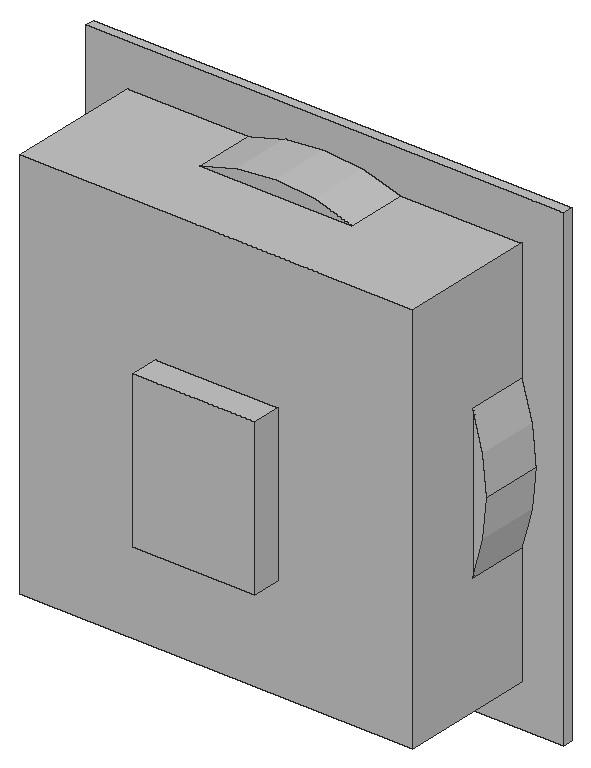
Revit family "ef-35_60uct(40)2_udt(40a)2_uet(40a)2_uft(40a)2_ugt(40a)2_50Hz", category 機械設備, Revit 2019
Family settings
  丸型コネクタ寸法 = 直径を使用
  パーツ タイプ = 標準
  OmniClass 番号 = 23.75.35.21.17
  OmniClass タイトル = Industrial Ventilating Equipment
  作業面ベース = いいえ
  常に垂直 = はい
  ロード時にボイドで切り取り = はい
  共有 = いいえ
  部屋計算ポイント = はい
Parameters (values of type "EF-35UCT2_200V")
  騒音レベル(dB(A)) [instance] = 45
  風量 [instance] = 設計風量  # 0.0 m³/h
  電源種別 [instance] = ""
  電圧 = 200 V
  電動機出力 = 100 W
  電動機_種別 [instance] = ""
  銘板表示 = not(モーター表示)  # yes
  銘板_Width = 120 mm
  銘板_Height = 153 mm
  銘板_H = 60 mm
  運転質量 = 0.00 kg
  連動 [instance] = ""
  質量 = if(製品質量 > 運転質量, 製品質量, 運転質量) * 1.2  # 8.16 kg
  負荷分類 = 3_ファン類
  説明 = "産業用有圧換気扇 機器冷却用 排気専用"
  設計風量 [instance] = 0.0 m³/h
  設置方法 = "壁付"
  記号 [instance] = ""
  製造元 = "三菱電機株式会社"
  製品質量 = 6.80 kg
  製品出荷対象 = "国内"
  製品リリース年月 = "2022年6月1日"
  製品グループ = ""
  羽根径 = "∅350"
  レグ_Depth = 143 mm
  系統 [instance] = ""
  符号 [instance] = if(☑給気／□排気, "FS", "FE")  # "FE"
  積算_科目 = ""
  積算_拾い区分 [instance] = ""
  相 = 3
  盤記号 [instance] = ""
  盤工事区分 = ""
  発停方法 [instance] = ""
  特殊仕様 [instance] = ""
  火災停止 [instance] = ""
  消費電力 = 90 W
  法定耐用年数 = "15"
  極数 = 3
  極 = 4
  材質 [instance] = ""
  操作・制御方式 = ""
  操作・制御スイッチ = ""
  排気量 [instance] = if(☑給気／□排気, 0.0 m³/h, 設計風量)  # 0.0 m³/h
  形式 = ""
  幹線記号 [instance] = ""
  対象室 [instance] = ""
  実風量 [instance] = 0.0 m³/h
  始動方式 [instance] = "直入"
  外気量 [instance] = if(☑給気／□排気, 設計風量, 0.0 m³/h)  # 0.0 m³/h
  呼称 = "有圧扇"
  周波数 = 50 Hz
  参照している仕様書等のバージョン = ""
  分類コード = "50052503100110"
  分類グループ = ""
  価格 = 78400
  企業コード = "108420"
  付属品_防振装置 = ""
  付属品 [instance] = ""
  仕様書バージョン = "Version1.0"
  レグ_Width = 387 mm
  レグ_Height = 387 mm
  モーター径 = 5 mm
  モーター表示 = no
  モデル = "EF-35UCT2"
  フレームの厚さ = 10 mm
  ファンの種類 = "軸流羽根"
  コメント [instance] = ""
  Keynote = ""
  オリフィス_Depth = 70 mm
  ☑給気／□排気 [instance] = no
  Width = 470 mm
  Version = ""
  Uniclass2015Version = "Systems v1.9"
  Uniclass2015Title = "Propeller fans"
  Uniclass2015Code = "Pr_65_67_29_67"
  URL = "https://www.mitsubishielectric.co.jp/ldg/wink/ssl/displayProduct.do?pid=318468"
  SpecificationReference = ""
  SpecificationDescription = ""
  Revision = ""
  ProductInformation = ""
  OmniClassCode = "23-33 31 19 11 17"
  MIN風量 = 0.0 m³/h
  MID風量 = 0.0 m³/h
  MAX風量 = 2500.0 m³/h
  IfcTypeProduct = ""
  IfcProduct = ""
  IfcExportType = "TUBEAXIAL"
  IfcExportAs = "IfcFanType"
  Height = 470 mm
  オリフィス径 = 415 mm
  Depth = 171 mm
  Author = "三菱電機株式会社"
Types (25, lengths in mm): name | 騒音レベル(dB(A)) | 電圧 | 電動機出力 | 銘板表示 | 銘板_Width | 銘板_Height | 銘板_H | 質量 | 製品質量 | 羽根径 | レグ_Depth | 消費電力 | 価格 | レグ_Width | レグ_Height | モーター径 | モーター表示 | モデル | オリフィス_Depth | Width | URL | MAX風量 | Height | オリフィス径 | Depth
  EF-35UCT2_200V | 45 | 200 V | 100 W | yes | 120 | 153 | 60 | 8.16 kg | 6.80 kg | "∅350" | 143 | 90 W | 78400 | 387 | 387 | 5 | no | "EF-35UCT2" | 70 | 470 | "https://www.mitsubishielectric.co.jp/ldg/wink/ssl/displayProduct.do?pid=318468" | 2500.0 m³/h | 470 | 415 | 171
  EF-35UDT2_200V | 45 | 200 V | 150 W | yes | 147 | 181 | 79.5 | 11.04 kg | 9.20 kg | "∅350" | 189 | 140 W | 86000 | 386 | 386 | 5 | no | "EF-35UDT2" | 70 | 470 | "https://www.mitsubishielectric.co.jp/ldg/wink/ssl/displayProduct.do?pid=318470" | 3000.0 m³/h | 470 | 415 | 221
  EF-40UET2_200V | 52 | 200 V | 400 W | no | 5 | 5 | 5 | 15.84 kg | 13.20 kg | "∅400" | 196 | 245 W | 109000 | 400 | 400 | 131 | yes | "EF-40UET2" | 80 | 520 | "https://www.mitsubishielectric.co.jp/ldg/wink/ssl/displayProduct.do?pid=318485" | 4800.0 m³/h | 520 | 490 | 222
  EF-50UFT2_200V | 52 | 200 V | 750 W | no | 5 | 5 | 5 | 23.40 kg | 19.50 kg | "∅500" | 232 | 370 W | 138000 | 502.8 | 502.8 | 131 | yes | "EF-50UFT2" | 95 | 620 | "https://www.mitsubishielectric.co.jp/ldg/wink/ssl/displayProduct.do?pid=318584" | 7200.0 m³/h | 620 | 605 | 258
  EF-60UGT2_200V | 57.5 | 200 V | 1500 W | no | 5 | 5 | 5 | 31.68 kg | 26.40 kg | "∅600" | 230 | 680 W | 203000 | 597.6 | 597.6 | 163 | yes | "EF-60UGT2" | 100 | 710 | "https://www.mitsubishielectric.co.jp/ldg/wink/ssl/displayProduct.do?pid=318493" | 11500.0 m³/h | 710 | 705 | 266
  EF-35UCT2_220V | 45.5 | 220 V | 100 W | yes | 120 | 153 | 60 | 8.16 kg | 6.80 kg | "∅350" | 143 | 110 W | 78400 | 387 | 387 | 5 | no | "EF-35UCT2" | 70 | 470 | "https://www.mitsubishielectric.co.jp/ldg/wink/ssl/displayProduct.do?pid=318468" | 2500.0 m³/h | 470 | 415 | 171
  EF-35UDT2_220V | 45.5 | 220 V | 150 W | yes | 147 | 181 | 79.5 | 11.04 kg | 9.20 kg | "∅350" | 189 | 155 W | 86000 | 386 | 386 | 5 | no | "EF-35UDT2" | 70 | 470 | "https://www.mitsubishielectric.co.jp/ldg/wink/ssl/displayProduct.do?pid=318470" | 3000.0 m³/h | 470 | 415 | 221
  EF-40UET2_220V | 52 | 220 V | 400 W | no | 5 | 5 | 5 | 15.84 kg | 13.20 kg | "∅400" | 196 | 273 W | 109000 | 400 | 400 | 131 | yes | "EF-40UET2" | 80 | 520 | "https://www.mitsubishielectric.co.jp/ldg/wink/ssl/displayProduct.do?pid=318485" | 4800.0 m³/h | 520 | 490 | 222
  EF-50UFT2_220V | 52 | 220 V | 750 W | no | 5 | 5 | 5 | 23.40 kg | 19.50 kg | "∅500" | 232 | 400 W | 138000 | 502.8 | 502.8 | 131 | yes | "EF-50UFT2" | 95 | 620 | "https://www.mitsubishielectric.co.jp/ldg/wink/ssl/displayProduct.do?pid=318584" | 7200.0 m³/h | 620 | 605 | 258
  EF-60UGT2_220V | 58 | 220 V | 1500 W | no | 5 | 5 | 5 | 31.68 kg | 26.40 kg | "∅600" | 230 | 730 W | 203000 | 597.6 | 597.6 | 163 | yes | "EF-60UGT2" | 100 | 710 | "https://www.mitsubishielectric.co.jp/ldg/wink/ssl/displayProduct.do?pid=318493" | 11500.0 m³/h | 710 | 705 | 266
  EF-35UCT40A2_380V | 45 | 380 V | 100 W | yes | 120 | 153 | 60 | 8.16 kg | 6.80 kg | "∅350" | 143 | 83.5 W | 86600 | 387 | 387 | 5 | no | "EF-35UCT40A2" | 70 | 470 | "https://www.mitsubishielectric.co.jp/ldg/wink/ssl/displayProduct.do?pid=318469" | 2500.0 m³/h | 470 | 415 | 171
  EF-35UDT40A2_380V | 44.5 | 380 V | 150 W | yes | 147 | 181 | 79.5 | 11.04 kg | 9.20 kg | "∅350" | 189 | 136 W | 94900 | 386 | 386 | 5 | no | "EF-35UDT40A2" | 70 | 470 | "https://www.mitsubishielectric.co.jp/ldg/wink/ssl/displayProduct.do?pid=318472" | 3000.0 m³/h | 470 | 415 | 221
  EF-40UET40A2_380V | 51.5 | 380 V | 400 W | no | 5 | 5 | 5 | 15.84 kg | 13.20 kg | "∅400" | 196 | 265 W | 121000 | 400 | 400 | 131 | yes | "EF-40UET40A2" | 80 | 520 | "https://www.mitsubishielectric.co.jp/ldg/wink/ssl/displayProduct.do?pid=318487" | 4800.0 m³/h | 520 | 490 | 222
  EF-50UFT40A2_380V | 52 | 380 V | 750 W | no | 5 | 5 | 5 | 23.40 kg | 19.50 kg | "∅500" | 232 | 345 W | 151000 | 502.8 | 502.8 | 131 | yes | "EF-50UFT40A2" | 95 | 620 | "https://www.mitsubishielectric.co.jp/ldg/wink/ssl/displayProduct.do?pid=318491" | 7200.0 m³/h | 620 | 605 | 258
  EF-60UGT40A2_380V | 57.5 | 380 V | 1500 W | no | 5 | 5 | 5 | 31.68 kg | 26.40 kg | "∅600" | 230 | 695 W | 223000 | 597.6 | 597.6 | 163 | yes | "EF-60UGT40A2" | 100 | 710 | "https://www.mitsubishielectric.co.jp/ldg/wink/ssl/displayProduct.do?pid=318494" | 11500.0 m³/h | 710 | 705 | 266
  EF-35UCT40A2_400V | 45 | 400 V | 100 W | yes | 120 | 153 | 60 | 8.16 kg | 6.80 kg | "∅350" | 143 | 89 W | 86600 | 387 | 387 | 5 | no | "EF-35UCT40A2" | 70 | 470 | "https://www.mitsubishielectric.co.jp/ldg/wink/ssl/displayProduct.do?pid=318469" | 2500.0 m³/h | 470 | 415 | 171
  EF-35UDT40A2_400V | 45 | 400 V | 150 W | yes | 147 | 181 | 79.5 | 11.04 kg | 9.20 kg | "∅350" | 189 | 145 W | 94900 | 386 | 386 | 5 | no | "EF-35UDT40A2" | 70 | 470 | "https://www.mitsubishielectric.co.jp/ldg/wink/ssl/displayProduct.do?pid=318472" | 3000.0 m³/h | 470 | 415 | 221
  EF-40UET40A2_400V | 52 | 400 V | 400 W | no | 5 | 5 | 5 | 15.84 kg | 13.20 kg | "∅400" | 196 | 275 W | 121000 | 400 | 400 | 131 | yes | "EF-40UET40A2" | 80 | 520 | "https://www.mitsubishielectric.co.jp/ldg/wink/ssl/displayProduct.do?pid=318487" | 4800.0 m³/h | 520 | 490 | 222
  EF-50UFT40A2_400V | 52 | 400 V | 750 W | no | 5 | 5 | 5 | 23.40 kg | 19.50 kg | "∅500" | 232 | 365 W | 151000 | 502.8 | 502.8 | 131 | yes | "EF-50UFT40A2" | 95 | 620 | "https://www.mitsubishielectric.co.jp/ldg/wink/ssl/displayProduct.do?pid=318491" | 7200.0 m³/h | 620 | 605 | 258
  EF-60UGT40A2_400V | 57.5 | 400 V | 1500 W | no | 5 | 5 | 5 | 31.68 kg | 26.40 kg | "∅600" | 230 | 695 W | 223000 | 597.6 | 597.6 | 163 | yes | "EF-60UGT40A2" | 100 | 710 | "https://www.mitsubishielectric.co.jp/ldg/wink/ssl/displayProduct.do?pid=318494" | 11500.0 m³/h | 710 | 705 | 266
  EF-35UCT40A2_415V | 45.5 | 415 V | 100 W | yes | 120 | 153 | 60 | 8.16 kg | 6.80 kg | "∅350" | 143 | 95 W | 86600 | 387 | 387 | 5 | no | "EF-35UCT40A2" | 70 | 470 | "https://www.mitsubishielectric.co.jp/ldg/wink/ssl/displayProduct.do?pid=318469" | 2500.0 m³/h | 470 | 415 | 171
  EF-35UDT40A2_415V | 45 | 415 V | 150 W | yes | 147 | 181 | 79.5 | 11.04 kg | 9.20 kg | "∅350" | 189 | 150 W | 94900 | 386 | 386 | 5 | no | "EF-35UDT40A2" | 70 | 470 | "https://www.mitsubishielectric.co.jp/ldg/wink/ssl/displayProduct.do?pid=318472" | 3000.0 m³/h | 470 | 415 | 221
  EF-40UET40A2_415V | 52 | 415 V | 400 W | no | 5 | 5 | 5 | 15.84 kg | 13.20 kg | "∅400" | 196 | 285 W | 121000 | 400 | 400 | 131 | yes | "EF-40UET40A2" | 80 | 520 | "https://www.mitsubishielectric.co.jp/ldg/wink/ssl/displayProduct.do?pid=318487" | 4800.0 m³/h | 520 | 490 | 222
  EF-50UFT40A2_415V | 52 | 415 V | 750 W | no | 5 | 5 | 5 | 23.40 kg | 19.50 kg | "∅500" | 232 | 375 W | 151000 | 502.8 | 502.8 | 131 | yes | "EF-50UFT40A2" | 95 | 620 | "https://www.mitsubishielectric.co.jp/ldg/wink/ssl/displayProduct.do?pid=318491" | 7200.0 m³/h | 620 | 605 | 258
  EF-60UGT40A2_415V | 58 | 415 V | 1500 W | no | 5 | 5 | 5 | 31.68 kg | 26.40 kg | "∅600" | 230 | 735 W | 223000 | 597.6 | 597.6 | 163 | yes | "EF-60UGT40A2" | 100 | 710 | "https://www.mitsubishielectric.co.jp/ldg/wink/ssl/displayProduct.do?pid=318494" | 11500.0 m³/h | 710 | 705 | 266
Reference planes
  plane 1 "中心(正面/背面)": y = 0
  plane 2: z = 0
  plane 3 "中心(左/右)": x = 0
  plane 4: z = 0
  plane 5: through (212.832, -1524, 243.759) normal (-0.6508, 0, -0.7593)
  plane 6: through (-212.884, -1524, -243.751) normal (0.6508, 0, 0.7593)
  plane 7: through (208.307, -1524, -247.63) normal (-0.6508, 0, 0.7593)
  plane 8: z = 235
  plane 9: z = -235
  plane 10 "左": x = -235
  plane 11 "右": x = 235
  plane 12 "正面": y = -171
  plane 13: y = -10
  plane 14: through (-208.307, -1524, -247.63) normal (-0.6508, 0, -0.7593)
  plane 15: y = 79
  plane 16: y = 179
  plane 17: x = -250
  plane 18: x = 250
  plane 19: y = -70
  plane 20: y = -143
  plane 21: x = 60
  plane 22: x = -60
  plane 23: z = 60
  plane 24: z = -93
  plane 25: x = -193.5
  plane 26: x = 193.5
  plane 27: z = 193.5
  plane 28: z = -193.5
Forms (mm)
  Extrusion 1, solid, detail levels fine
    sketch origin (0, 0, 0) x (1, 0, 0) y (0, 1, 0)
      loop
        line (-235, 0) -> (-235, -10) -> (235, -10) -> (235, 0) -> (-235, 0)
    from -235 to 235
  Extrusion 2, solid, visible <- "モーター表示", detail levels fine
    sketch origin (140, -23.659, 0) x (-1, 0, 0) y (0, 0, -1)
      loop
        circle (140, 0) r 2.5
    from 119.341 to 147.341
  Extrusion 3, solid
    sketch origin (0, -153.783, 0) x (1, 0, 0) y (0, 0, 1)
      loop
        circle (0, 0) r 207.5
    from -143.783 to -83.783
  Extrusion 4, solid, visible <- "銘板表示", detail levels fine
    sketch origin (0, 0, 0) x (1, 0, 0) y (0, 0, 1)
      loop
        line (-60, 60) -> (-60, -93) -> (60, -93) -> (60, 60) -> (-60, 60)
    from 143 to 171
  Extrusion 5, solid
    sketch origin (0, 0, 0) x (1, 0, 0) y (0, 0, 1)
      loop
        line (-193.5, 193.5) -> (-193.5, -193.5) -> (193.5, -193.5) -> (193.5, 193.5) -> (-193.5, 193.5)
    from 10 to 143
Cuts and joins
  joined: Extrusion 3, Extrusion 5
Lines and regions (mm)
  Masking region 1, detail levels coarse+medium
    outline origin (0, 0, 0) x (1, 0, 0) y (0, 1, 0)
      loop
        line (-250, -171) -> (250, -171) -> (250, 79) -> (-250, 79) -> (-250, -171)
  Masking region 2, detail levels coarse+medium
    outline origin (0, 0, 0) x (1, 0, 0) y (0, 1, 0)
      loop
        line (-199, 79) -> (199, 79) -> (199, 179) -> (-199, 179) -> (-199, 79)
  symbolic lines, detail levels coarse+medium
    curve 1: circle (199, -159, 0) r 115 normal (0, 0, 1)
    curve 2: circle (-199, -159, 0) r 115 normal (0, 0, -1)
Dimensions and locks
  level to plane 4 = 0 mm
  equal spacing: plane 8, level, plane 9
  "Depth": plane 12 "正面" to plane 1 "中心(正面/背面)"  (x2)
  "Width": plane 10 "左" to plane 11 "右"
  "Height": plane 8 to plane 9
  "フレームの厚さ": plane 13 to plane 1 "中心(正面/背面)"
  plane 12 "正面" to plane 15 to plane 16 = 250 mm locked, 100 mm locked
  locked: plane 17 to plane 18 at 500
  "オリフィス_Depth": plane 1 "中心(正面/背面)" to plane 19
  "レグ_Depth": plane 1 "中心(正面/背面)" to plane 20
  equal spacing: plane 10 "左", plane 3 "中心(左/右)", plane 11 "右"
  equal spacing: plane 21, plane 3 "中心(左/右)", plane 22
  "銘板_Width": plane 21 to plane 22
  "銘板_H": plane 23 to level
  "銘板_Height": plane 23 to plane 24
  equal spacing: plane 26, plane 3 "中心(左/右)", plane 25
  "レグ_Width": plane 26 to plane 25
  equal spacing: plane 27, level, plane 28
  "レグ_Height": plane 27 to plane 28
  "オリフィス径": diameter of Extrusion 3 sketch curve
  "モーター径": diameter of Extrusion 2 sketch curve
  aligned and locked: level to plane 2
  aligned and locked: Extrusion 1 to plane 8
  aligned and locked: plane 10 "左" to Extrusion 1
  aligned and locked: Extrusion 1 to plane 11 "右"
  aligned and locked: plane 9 to Extrusion 1
  aligned and locked: Extrusion 1 to plane 13
  aligned and locked: Extrusion 1 to plane 1 "中心(正面/背面)"  (x5)
  aligned and locked: plane 12 "正面" to Extrusion 2
  aligned and locked: plane 1 "中心(正面/背面)" to Extrusion 1  (x2)
  aligned and locked: plane 4 to Extrusion 2 sketch curve
  aligned and locked: plane 12 "正面" to Masking region 1 sketch curve
  aligned and locked: Masking region 1 sketch curve to plane 17
  aligned and locked: plane 15 to Masking region 1 sketch curve
  aligned and locked: plane 18 to Masking region 1 sketch curve
  aligned and locked: Masking region 2 sketch curve to plane 15
  aligned and locked: plane 16 to Masking region 2 sketch curve
  aligned and locked: Extrusion 3 to Extrusion 1
  aligned and locked: Extrusion 3 to plane 19
  aligned and locked: plane 20 to Extrusion 2
  aligned and locked: Extrusion 4 sketch curve to plane 23
  aligned and locked: plane 22 to Extrusion 4 sketch curve
  aligned and locked: plane 24 to Extrusion 4 sketch curve
  aligned and locked: Extrusion 4 sketch curve to plane 21
  aligned and locked: plane 12 "正面" to Extrusion 4
  aligned and locked: plane 20 to Extrusion 4
  aligned and locked: Extrusion 5 to Extrusion 2
  aligned and locked: Extrusion 5 to Extrusion 1
  aligned and locked: Extrusion 5 to plane 25
  aligned and locked: plane 27 to Extrusion 5
  aligned and locked: plane 26 to Extrusion 5
  aligned and locked: Extrusion 5 to plane 28
Automatic sketch dimensions
  Extrusion 1 sketch curve to plane 10 "左" = 0 mm
  Extrusion 1 sketch curve to plane 11 "右" = 0 mm
  Extrusion 1 sketch curve to plane 13 = 0 mm
  plane 1 "中心(正面/背面)" to Extrusion 1 sketch curve = 0 mm
  Extrusion 3 sketch curve to level = 0 mm
  Extrusion 3 sketch curve to plane 3 "中心(左/右)" = 0 mm
  curve 2 to plane 20 = 16 mm
  curve 1 to plane 20 = 16 mm
  curve 2 to plane 10 "左" = 36 mm
  Masking region 2 sketch curve to plane 10 "左" = 36 mm
  plane 11 "右" to curve 1 = 36 mm
  plane 11 "右" to Masking region 2 sketch curve = 36 mm
  Extrusion 2 sketch curve to plane 3 "中心(左/右)" = 0 mm
  Extrusion 5 sketch curve to plane 25 = 0 mm
  plane 26 to Extrusion 5 sketch curve = 0 mm
  Extrusion 5 sketch curve to plane 28 = 0 mm
  plane 27 to Extrusion 5 sketch curve = 0 mm
  radius of curve 1 = 115 mm
  radius of curve 2 = 115 mm
Connectors
  electrical at (235, -5, 0), driven by "電圧", driven by "負荷分類", driven by "消費電力", driven by "極数"
    settings: on Extrusion 1, index 2, voltage 200 V, apparent load 90 VA, apparent load phase1 0 VA, apparent load phase2 0 VA, apparent load phase3 0 VA, power factor 1, load classification "3_ファン類", number of poles 3, system type 30, power factor state 1, is connector primary yes, connector utility no, sub classification motor no, connector description ""
